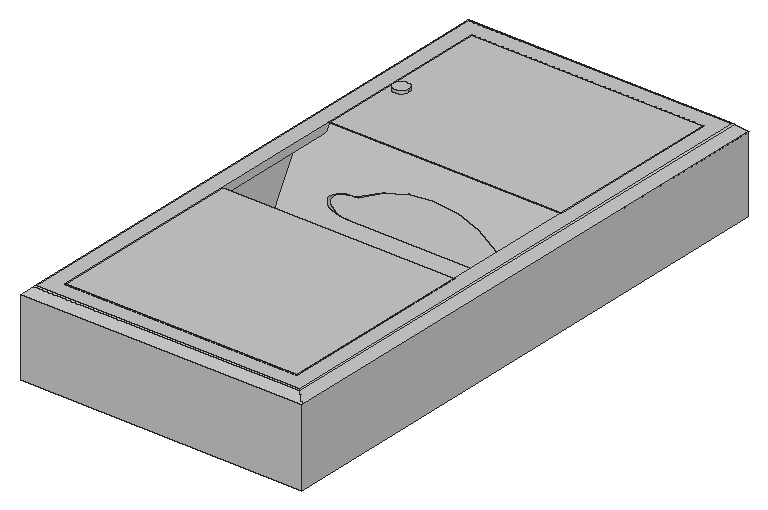
Revit family "RBA BIM - B3699", category Specialty Equipment, host Face, Revit 2013
Parameters (values of type "B-3699")
  URL = "www.rba.com.au"
  Type Comments = "Satin Finish"
  Product Page URL = ""
  Product Name = "Surface-Mounted Paper Towel Dispenser And Waste Receptacle"
  Model = "B-3699 ClassicSeries"
  Manufacturer = "RBA Group"
  Finish Material = Stainless Steel - Bobrick - Satin
  Default Elevation = 1.2192 m
  Assembly Code = "C1030200"
  ADA Compliant = yes
Reference planes (m)
  plane 1 "Center (Front/Back)": y = -0.003969
  plane 2: z = 0
  plane 3 "Center (Left/Right)": x = 0
  plane 4 "Top": y = 0.3556
  plane 5 "Bottom": y = -0.363538
  plane 6 "Left": x = -0.180975
  plane 7 "Right": x = 0.180975
  plane 8: x = 0.149225
  plane 9: x = -0.149225
  plane 10: y = -0.331788
  plane 11: y = 0.32385
  plane 12: y = -0.077788
  plane 13: y = 0.093662
  plane 14: x = -0.134937
  plane 15: y = 0.192087
  plane 16: z = 0.098425
  plane 17: y = 0.033337
  plane 18: z = 0.10795
  plane 19 "Elevation": y = 0.065087
  plane 20: x = -0.169862
  plane 21: x = 0.169863
  plane 22: y = -0.352425
  plane 23: y = 0.344487
  plane 24: z = 0.001587
  plane 25: z = 0.111125
Forms (m)
  Extrusion 1, solid, material "Stainless Steel - Bobrick - Satin" <- "Finish Material"
    sketch origin (0, 0, 0) x (1, 0, 0) y (0, 1, 0)
      loop
        line (-0.180975, 0.3556) -> (-0.180975, -0.363538) -> (0.180975, -0.363538) -> (0.180975, 0.3556) -> (-0.180975, 0.3556)
      loop
        line (-0.179387, 0.354012) -> (-0.179387, -0.36195) -> (0.179388, -0.36195) -> (0.179388, 0.354012) -> (-0.179387, 0.354012)
    from 0 to 0.098425
  Extrusion 2, solid, material "Stainless Steel - Bobrick - Satin" <- "Finish Material"
    sketch origin (0, 0, 0) x (1, 0, 0) y (0, 1, 0)
      loop
        line (-0.180975, 0.3556) -> (-0.180975, -0.363538) -> (0.180975, -0.363538) -> (0.180975, 0.3556) -> (-0.180975, 0.3556)
    from 0 to 0.001587
  Sweep 3, solid, material "Stainless Steel - Bobrick - Satin" <- "Finish Material"
    path origin (0, 0, 0) x (1, 0, 0) y (0, 1, 0)
      loop
        line (-0.149225, 0.32385) -> (-0.149225, -0.331788) -> (0.149225, -0.331788) -> (0.149225, 0.32385) -> (-0.149225, 0.32385)
    profile origin (0, 0.32385, 0) x (0, 1, 0) y (0, 0, 1)
      loop
        line (0, 0.098425) -> (0.03175, 0.098425) -> (0.022077, 0.107134)
        arc (0.022077, 0.107134) -> (0.02109, 0.107739) -> (0.019953, 0.10795) r 0.003175
        line (0.019953, 0.10795) -> (0, 0.10795) -> (0, 0.098425)
  Extrusion 4, solid, material "Stainless Steel - Bobrick - Satin" <- "Finish Material"
    sketch origin (0, 0, 0) x (1, 0, 0) y (0, 1, 0)
      loop
        line (-0.149225, 0.32385) -> (-0.149225, 0.093662) -> (0.149225, 0.093662) -> (0.149225, 0.32385) -> (-0.149225, 0.32385)
    from 0.098425 to 0.10795
  Extrusion 5, solid, material "Stainless Steel - Bobrick - Satin" <- "Finish Material"
    sketch origin (0, 0, 0) x (1, 0, 0) y (0, 1, 0)
      loop
        line (-0.149225, -0.331788) -> (0.149225, -0.331788) -> (0.149225, -0.077788) -> (-0.149225, -0.077788) -> (-0.149225, -0.331788)
    from 0.098425 to 0.10795
  Extrusion 6, solid, material "Stainless Steel - Bobrick - Satin" <- "Finish Material"
    sketch origin (-0.180975, 0.32385, 0) x (0, 1, 0) y (0, 0, -1)
      loop
        line (-0.230187, -0.10795) -> (-0.230187, -0.098425) -> (-0.28511, -0.001587) -> (-0.290512, -0.001587) -> (-0.230187, -0.10795)
    from -0.3302 to -0.03175
  Extrusion 7, solid, material "Stainless Steel - Bobrick - Satin" <- "Finish Material", detail levels fine
    sketch origin (0, 0, 0.10795) x (1, 0, 0) y (0, 1, 0)
      loop
        circle (-0.134937, 0.192087) r 0.009525
    from 0 to 0.003175
  Extrusion 8, solid, material "Stainless Steel - Bobrick - Satin" <- "Finish Material"
    sketch origin (-0.202675, 0.32385, 0) x (0, 1, 0) y (0, 0, -1)
      loop
        line (-0.290512, -0.001587) -> (-0.23559, -0.098425) -> (-0.230187, -0.098425) -> (-0.28511, -0.001587) -> (-0.290512, -0.001587)
    from -0.05345 to -0.023288
  Extrusion 9, solid, material "Stainless Steel - Bobrick - Satin" <- "Finish Material"
    sketch origin (0.051325, 0.32385, 0) x (0, 1, 0) y (0, 0, -1)
      loop
        line (-0.290512, -0.001587) -> (-0.23559, -0.098425) -> (-0.230187, -0.098425) -> (-0.28511, -0.001587) -> (-0.290512, -0.001587)
    from -0.128063 to -0.0979
  Extrusion 10, void
    sketch origin (-0.180975, 0.093662, 0.10795) x (0, 0.49334, 0.869837) y (1, 0, 0)
      loop
        spline (-0.085725, 0.090488) -> (-0.085292, 0.08227) -> (-0.084024, 0.074613) -> (-0.082005, 0.068037) -> (-0.079375, 0.062991) -> (-0.076312, 0.059819) -> (-0.073025, 0.058738) -> (-0.069738, 0.059819) -> (-0.066675, 0.062991) -> (-0.064045, 0.068037) -> (-0.062026, 0.074613) -> (-0.060758, 0.08227) -> (-0.060325, 0.090488)
        arc (-0.060325, 0.090488) -> (-0.034925, 0.180975) -> (-0.060325, 0.271462) r 0.173881
        spline (-0.060325, 0.271462) -> (-0.060758, 0.27968) -> (-0.062026, 0.287337) -> (-0.064045, 0.293913) -> (-0.066675, 0.298959) -> (-0.069738, 0.302131) -> (-0.073025, 0.303212) -> (-0.076312, 0.302131) -> (-0.079375, 0.298959) -> (-0.082005, 0.293913) -> (-0.084024, 0.287337) -> (-0.085292, 0.27968) -> (-0.085725, 0.271462)
        line (-0.085725, 0.271462) -> (-0.085725, 0.090488)
    from 0 to 0.004699
Cuts and joins
  Extrusion 10 cuts Extrusion 1
  Extrusion 10 cuts Extrusion 2
  Extrusion 10 cuts Extrusion 6
  Extrusion 10 cuts Extrusion 8
  Extrusion 10 cuts Extrusion 9
  joined: Extrusion 1, Extrusion 2, Extrusion 6, Extrusion 8, Extrusion 9
Lines and regions (m)
  Masking region 1
    outline origin (0, 0, 0.007937) x (1, 0, 0) y (0, 1, 0)
      loop
        line (-0.180975, 0.3556) -> (-0.180975, -0.363538) -> (0.180975, -0.363538) -> (0.180975, 0.3556) -> (-0.180975, 0.3556)
  Masking region 2
    outline origin (0.179281, -0.363538, 0) x (-1, 0, 0) y (0, 0, -1)
      loop
        line (0.360256, -0.098425) -> (0.360256, 0) -> (-0.001694, 0) -> (-0.001694, -0.098425) -> (0.008012, -0.107164)
        spline (0.008012, -0.107164) -> (0.008165, -0.107287) -> (0.008323, -0.1074) -> (0.008484, -0.107503) -> (0.008648, -0.107596) -> (0.008816, -0.107678) -> (0.008986, -0.107749) -> (0.009159, -0.10781) -> (0.009333, -0.10786) -> (0.00951, -0.107899) -> (0.009687, -0.107927) -> (0.009866, -0.107944) -> (0.010045, -0.107949)
        line (0.010045, -0.107949) -> (0.348459, -0.10795)
        arc (0.348459, -0.10795) -> (0.349596, -0.107739) -> (0.350583, -0.107134) r 0.003175
        line (0.350583, -0.107134) -> (0.360256, -0.098425)
  Masking region 3, detail levels fine
    outline origin (-0.180975, -0.363538, 0) x (0, 0, -1) y (1, 0, 0)
      loop
        line (-0.111125, 0.036513) -> (-0.10795, 0.036513) -> (-0.10795, 0.055563) -> (-0.111125, 0.055563) -> (-0.111125, 0.036513)
  Masking region 4
    outline origin (-0.180975, 0.32385, 0) x (0, 1, 0) y (0, 0, -1)
      loop
        line (0.03175, -0.098425) -> (0.03175, 0) -> (-0.687387, 0) -> (-0.687387, -0.098425) -> (-0.677715, -0.107134)
        arc (-0.677715, -0.107134) -> (-0.676728, -0.107739) -> (-0.67559, -0.10795) r 0.003175
        line (-0.67559, -0.10795) -> (0.019953, -0.10795)
        spline (0.019953, -0.10795) -> (0.020135, -0.107946) -> (0.020316, -0.107932) -> (0.020498, -0.107906) -> (0.020679, -0.107869) -> (0.020858, -0.107819) -> (0.021036, -0.107758) -> (0.021213, -0.107685) -> (0.021387, -0.107601) -> (0.021558, -0.107506) -> (0.021727, -0.1074) -> (0.021892, -0.107283) -> (0.022054, -0.107156)
        line (0.022054, -0.107156) -> (0.03175, -0.098425)
  Masking region 5, detail levels fine
    outline origin (-0.180975, 0.3556, 0) x (0, -1, 0) y (0, 0, 1)
      loop
        line (0.153988, 0.111125) -> (0.153988, 0.10795) -> (0.173038, 0.10795) -> (0.173038, 0.111125) -> (0.153988, 0.111125)
  symbolic lines, style "Restroom Accessories"
    curve 1: line (-0.149225, 0.32385, 0.007937) -> (0.149225, 0.32385, 0.007937)
    curve 2: line (-0.149225, -0.331788, 0.007937) -> (-0.149225, 0.32385, 0.007937)
    curve 3: line (0.149225, 0.093662, 0.007937) -> (-0.149225, 0.093662, 0.007937)
    curve 4: line (0.149225, 0.32385, 0.007937) -> (0.149225, -0.331788, 0.007937)
    curve 5: line (-0.149225, -0.331788, 0.007937) -> (0.149225, -0.331788, 0.007937)
    curve 6: line (-0.149225, -0.077788, 0.007937) -> (0.149225, -0.077788, 0.007937)
  symbolic lines, style "Restroom Accessories", detail levels medium+fine
    curve 7: line (-0.149225, 0.033337, 0.007937) -> (0.149225, 0.033337, 0.007937)
    curve 16: line (0.180975, -0.363538, 0.098425) -> (-0.180975, -0.363538, 0.098425)
    curve 17: line (-0.180975, -0.363538, 0.098425) -> (-0.180975, 0.3556, 0.098425)
  model lines, style "Restroom Accessories", detail levels fine
    curve 8: spline (-0.134937, 0.185737, 0.111125) -> (-0.134623, 0.185954, 0.111125) -> (-0.134329, 0.186588, 0.111125) -> (-0.134077, 0.187597, 0.111125) -> (-0.133884, 0.188912, 0.111125) -> (-0.133762, 0.190444, 0.111125) -> (-0.133721, 0.192087, 0.111125) -> (-0.133762, 0.193731, 0.111125) -> (-0.133884, 0.195262, 0.111125) -> (-0.134077, 0.196578, 0.111125) -> (-0.134329, 0.197587, 0.111125) -> (-0.134623, 0.198221, 0.111125) -> (-0.134937, 0.198437, 0.111125) -> (-0.135252, 0.198221, 0.111125) -> (-0.135546, 0.197587, 0.111125) -> (-0.135798, 0.196578, 0.111125) -> (-0.135991, 0.195262, 0.111125) -> (-0.136113, 0.193731, 0.111125) -> (-0.136154, 0.192087, 0.111125) -> (-0.136113, 0.190444, 0.111125) -> (-0.135991, 0.188912, 0.111125) -> (-0.135798, 0.187597, 0.111125) -> (-0.135546, 0.186588, 0.111125) -> (-0.135252, 0.185954, 0.111125) -> (-0.134937, 0.185737, 0.111125)
  symbolic lines, style "Restroom Accessories", detail levels fine
    curve 9: arc (-0.125412, 0.192087, 0.111125) -> (-0.134937, 0.201612, 0.111125) -> (-0.144462, 0.192087, 0.111125) r 0.009525
    curve 10: arc (-0.144462, 0.192087, 0.111125) -> (-0.134937, 0.182562, 0.111125) -> (-0.125412, 0.192087, 0.111125) r 0.009525
    curve 11: spline (-0.134937, 0.185737, 0.111125) -> (-0.134623, 0.185954, 0.111125) -> (-0.134329, 0.186588, 0.111125) -> (-0.134077, 0.187597, 0.111125) -> (-0.133884, 0.188912, 0.111125) -> (-0.133762, 0.190444, 0.111125) -> (-0.133721, 0.192087, 0.111125) -> (-0.133762, 0.193731, 0.111125) -> (-0.133884, 0.195262, 0.111125) -> (-0.134077, 0.196578, 0.111125) -> (-0.134329, 0.197587, 0.111125) -> (-0.134623, 0.198221, 0.111125) -> (-0.134937, 0.198437, 0.111125) -> (-0.135252, 0.198221, 0.111125) -> (-0.135546, 0.197587, 0.111125) -> (-0.135798, 0.196578, 0.111125) -> (-0.135991, 0.195262, 0.111125) -> (-0.136113, 0.193731, 0.111125) -> (-0.136154, 0.192087, 0.111125) -> (-0.136113, 0.190444, 0.111125) -> (-0.135991, 0.188912, 0.111125) -> (-0.135798, 0.187597, 0.111125) -> (-0.135546, 0.186588, 0.111125) -> (-0.135252, 0.185954, 0.111125) -> (-0.134937, 0.185737, 0.111125)
    curve 12: spline (-0.090487, 0.063902, 0.111125) -> (-0.076586, 0.067664, 0.111125) -> (-0.062047, 0.070785, 0.111125) -> (-0.046992, 0.07324, 0.111125) -> (-0.031547, 0.075009, 0.111125) -> (-0.015839, 0.076076, 0.111125) -> (0, 0.076433, 0.111125) -> (0.015839, 0.076076, 0.111125) -> (0.031547, 0.075009, 0.111125) -> (0.046992, 0.07324, 0.111125) -> (0.062047, 0.070785, 0.111125) -> (0.076586, 0.067664, 0.111125) -> (0.090488, 0.063902, 0.111125)
    curve 13: spline (0.090488, 0.063902, 0.111125) -> (0.098705, 0.063688, 0.111125) -> (0.106363, 0.063062, 0.111125) -> (0.112938, 0.062067, 0.111125) -> (0.117984, 0.060769, 0.111125) -> (0.121156, 0.059258, 0.111125) -> (0.122238, 0.057636, 0.111125) -> (0.121156, 0.056015, 0.111125) -> (0.117984, 0.054504, 0.111125) -> (0.112938, 0.053206, 0.111125) -> (0.106363, 0.05221, 0.111125) -> (0.098705, 0.051584, 0.111125) -> (0.090488, 0.051371, 0.111125)
    curve 14: line (0.090488, 0.051371, 0.111125) -> (-0.090487, 0.051371, 0.111125)
    curve 15: spline (-0.090487, 0.051371, 0.111125) -> (-0.098705, 0.051584, 0.111125) -> (-0.106362, 0.05221, 0.111125) -> (-0.112938, 0.053206, 0.111125) -> (-0.117984, 0.054504, 0.111125) -> (-0.121156, 0.056015, 0.111125) -> (-0.122237, 0.057636, 0.111125) -> (-0.121156, 0.059258, 0.111125) -> (-0.117984, 0.060769, 0.111125) -> (-0.112938, 0.062067, 0.111125) -> (-0.106362, 0.063062, 0.111125) -> (-0.098705, 0.063688, 0.111125) -> (-0.090487, 0.063902, 0.111125)
Dimensions and locks (m)
  equal spacing: plane 6 "Left", plane 3 "Center (Left/Right)", plane 7 "Right"
  locked: plane 6 "Left" to plane 7 "Right" at 0.36195
  equal spacing: plane 4 "Top", plane 1 "Center (Front/Back)", plane 5 "Bottom"
  locked: plane 4 "Top" to plane 5 "Bottom" at 0.719138
  locked: plane 8 to plane 7 "Right" at 0.03175
  locked: plane 6 "Left" to plane 9 at 0.03175
  locked: plane 5 "Bottom" to plane 10 at 0.03175
  locked: plane 11 to plane 4 "Top" at 0.03175
  locked: plane 10 to plane 12 at 0.254
  locked: plane 13 to plane 11 at 0.230188
  locked: plane 6 "Left" to plane 14 at 0.046037
  locked: plane 4 "Top" to plane 15 at 0.163513
  locked: plane 17 to plane 13 at 0.060325
  locked: plane 17 to plane 19 "Elevation" at 0.03175
  locked: plane 18 to level at 0.10795
  locked: plane 18 to plane 16 at 0.009525
  locked: plane 6 "Left" to plane 20 at 0.011113
  locked: plane 21 to plane 7 "Right" at 0.011113
  locked: plane 5 "Bottom" to plane 22 at 0.011113
  locked: plane 4 "Top" to plane 23 at 0.011113
  locked: Extrusion 1 sketch curve to Extrusion 1 sketch curve at 0.001587  (x2)
  locked: Extrusion 1 sketch curve to Extrusion 1 sketch curve at 0.001588  (x2)
  locked: plane 24 to level at 0.001587
  locked: plane 25 to plane 18 at 0.003175
  aligned and locked: host face to plane 2
  aligned and locked: level to host face
  aligned and locked: Extrusion 1 sketch curve to Masking region 1  (x4)
  aligned and locked: Extrusion 1 to level
  aligned and locked: plane 16 to Extrusion 1
  aligned and locked: Extrusion 2 sketch curve to Masking region 1  (x4)
  aligned and locked: Extrusion 2 to level
  aligned and locked: plane 24 to Extrusion 2
  aligned and locked: Sweep 3 sketch curve to curve 1
  aligned and locked: Sweep 3 sketch curve to curve 2
  aligned and locked: Sweep 3 sketch curve to curve 5
  aligned and locked: Sweep 3 sketch curve to curve 4
  aligned and locked: Sweep 3 sketch curve to profile plane
  aligned and locked: Sweep 3 sketch curve to plane 18
  aligned and locked: Sweep 3 sketch curve to plane 16
  aligned and locked: Extrusion 4 sketch curve to curve 1
  aligned and locked: curve 2 to Extrusion 4 sketch curve
  aligned and locked: Extrusion 4 sketch curve to curve 3
  aligned and locked: plane 8 to Extrusion 4 sketch curve
  aligned and locked: Extrusion 4 to plane 16
  aligned and locked: plane 18 to Extrusion 4
  aligned and locked: Extrusion 5 sketch curve to curve 5
  aligned and locked: Extrusion 5 sketch curve to curve 2
  aligned and locked: Extrusion 5 sketch curve to curve 6
  aligned and locked: Extrusion 5 sketch curve to plane 8
  aligned and locked: Extrusion 5 to plane 16
  aligned and locked: plane 18 to Extrusion 5
  aligned and locked: Extrusion 6 sketch curve to Extrusion 4
  aligned and locked: plane 17 to Extrusion 6 sketch curve
  aligned and locked: Extrusion 6 sketch curve to Extrusion 2
  aligned and locked: Sweep 3 to Extrusion 6 sketch curve
  aligned and locked: Extrusion 6 to plane 8
  aligned and locked: plane 9 to Extrusion 6
  aligned and locked: Extrusion 7 to plane 18
  aligned and locked: plane 25 to Extrusion 7
  aligned and locked: Extrusion 8 to plane 9
  aligned and locked: Extrusion 8 to cut or joined group of Extrusion 1, Extrusion 2, Extrusion 6, Extrusion 8, Extrusion 9, Extrusion 10
  aligned and locked: Extrusion 9 to cut or joined group of Extrusion 1, Extrusion 2, Extrusion 6, Extrusion 8, Extrusion 9, Extrusion 10
  aligned and locked: plane 8 to Extrusion 9
  aligned and locked: curve 9 to Extrusion 7
  aligned and locked: curve 10 to Extrusion 7
  aligned and locked: Extrusion 6 to Extrusion 10  (x2)
  aligned and locked: curve 14 to cut or joined group of Extrusion 1, Extrusion 2, Extrusion 6, Extrusion 8, Extrusion 9, Extrusion 10
  aligned and locked: Masking region 2 sketch curve to cut or joined group of Extrusion 1, Extrusion 2, Extrusion 6, Extrusion 8, Extrusion 9, Extrusion 10  (x3)
  aligned and locked: Masking region 2 sketch curve to Sweep 3  (x2)
  aligned and locked: curve 16 to Sweep 3
  aligned and locked: Masking region 3 sketch curve to Extrusion 7  (x4)
  aligned and locked: Masking region 4 sketch curve to cut or joined group of Extrusion 1, Extrusion 2, Extrusion 6, Extrusion 8, Extrusion 9, Extrusion 10  (x3)
  aligned and locked: Masking region 4 sketch curve to Sweep 3  (x3)
  aligned and locked: curve 17 to Sweep 3
  aligned and locked: Masking region 5 sketch curve to Extrusion 7  (x2)
Automatic sketch dimensions
  host sketch curve to host sketch curve = 2.4384 m  (x2)
  curve 1 to plane 9 = 0.000 m
  curve 3 to plane 8 = 0.000 m
  plane 10 to curve 5 = 0.000 m
  plane 12 to curve 6 = 0.000 m
  plane 17 to curve 7 = 0.000 m
  plane 13 to curve 3 = 0.000 m
  plane 11 to curve 2 = 0.000 m
  plane 5 "Bottom" to Masking region 1 sketch curve = 0.000 m
  Masking region 1 sketch curve to plane 6 "Left" = 0.000 m
  Masking region 1 sketch curve to plane 7 "Right" = 0.000 m
  Masking region 1 sketch curve to plane 4 "Top" = 0.000 m
  Sweep 3 sketch curve to profile plane = 0.019953 m
  Sweep 3 sketch curve to Sweep 3 sketch curve = 0.002124 m
  Sweep 3 sketch curve to Sweep 3 sketch curve = 0.009673 m
  Sweep 3 sketch curve to Sweep 3 sketch curve = 0.003175 m
  Extrusion 1 to Extrusion 6 sketch curve = 0.000 m
  Extrusion 6 sketch curve to Extrusion 6 sketch curve = 0.005402 m
  Extrusion 7 sketch curve to Extrusion 4 = 0.014288 m
  Extrusion 7 sketch curve to Extrusion 4 = 0.098425 m
  Extrusion 8 sketch curve to plane 17 = 0.000 m
  Extrusion 8 sketch curve to plane 24 = 0.000 m
  Extrusion 8 sketch curve to plane 16 = 0.000 m
  Extrusion 8 sketch curve to plane 13 = 0.000 m
  Extrusion 8 sketch curve to plane 17 = 0.005402 m
  Extrusion 8 sketch curve to Extrusion 8 sketch curve = 0.005402 m
  Extrusion 9 sketch curve to plane 17 = 0.000 m
  Extrusion 9 sketch curve to plane 24 = 0.000 m
  Extrusion 9 sketch curve to plane 16 = 0.000 m
  Extrusion 9 sketch curve to plane 13 = 0.000 m
  Extrusion 9 sketch curve to Extrusion 9 sketch curve = 0.005402 m  (x2)
  curve 11 to curve 9 = 0.000 m  (x2)
  curve 8 to curve 11 = 0.000 m  (x2)
  curve 11 to curve 9 = 0.00635 m
  curve 8 to curve 9 = 0.000 m
  Extrusion 6 to Extrusion 10 sketch curve = 0.060325 m  (x2)
  Extrusion 10 sketch curve to Extrusion 10 sketch curve = 0.0127 m
  Extrusion 10 sketch curve to Extrusion 6 = 0.086527 m
  Extrusion 10 sketch curve to Extrusion 6 = 0.058738 m
  Extrusion 10 sketch curve to Extrusion 10 sketch curve = 0.03175 m  (x2)
  Extrusion 10 sketch curve to Extrusion 10 sketch curve = 0.058737 m
  curve 8 to curve 15 = 0.04445 m
  curve 15 to curve 15 = 0.03175 m
  curve 15 to curve 12 = 0.058737 m
  curve 12 to curve 13 = 0.058737 m
  curve 13 to curve 12 = 0.03175 m
  curve 14 to curve 12 = 0.083393 m
  curve 15 to curve 12 = 0.006265 m
  curve 12 to curve 14 = 0.060721 m
  Masking region 2 sketch curve to Extrusion 1 = 0.000 m
  Masking region 2 sketch curve to Extrusion 1 = 0.008739 m
  Masking region 2 sketch curve to Masking region 2 sketch curve = 0.001887 m
  Masking region 2 sketch curve to Masking region 2 sketch curve = 0.000146 m
  Masking region 2 sketch curve to Extrusion 1 = 0.003871 m
  Masking region 2 sketch curve to Masking region 2 sketch curve = 0.002174 m
  Masking region 2 sketch curve to Masking region 2 sketch curve = 0.338413 m
  Masking region 2 sketch curve to Masking region 2 sketch curve = 0.002124 m
  Masking region 2 to curve 16 = 0.000 m
  curve 16 to Masking region 2 = 0.000 m
  Masking region 4 sketch curve to Masking region 4 sketch curve = 0.000816 m
  Masking region 4 sketch curve to Masking region 4 sketch curve = 0.002101 m
  Masking region 4 sketch curve to Masking region 4 sketch curve = 0.000794 m
  Masking region 4 sketch curve to Masking region 4 sketch curve = 0.000081 m
  Masking region 4 sketch curve to Masking region 4 sketch curve = 0.000 m
  Masking region 4 sketch curve to Extrusion 1 = 0.003871 m
  Masking region 4 sketch curve to Masking region 4 sketch curve = 0.001901 m
  curve 17 to Masking region 4 = 0.000 m  (x2)
  Masking region 5 sketch curve to Masking region 4 = 0.153988 m
  Masking region 5 sketch curve to Masking region 5 sketch curve = 0.01905 m
  radius of Extrusion 7 sketch curve = 0.009525 m
